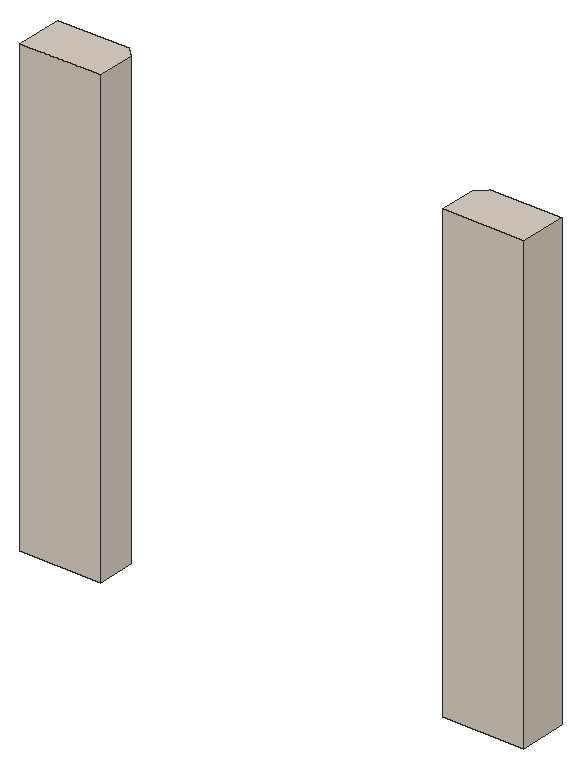
Revit family
Parameters (values of type "125 x 215mm Wide")
  Surround Width = 215.0 mm
  Surround Depth = 125.0 mm
  Opening Width [instance] = 910.0 mm
  Opening Depth [instance] = 1210.0 mm
  Surround Offset from Ext = 25.0 mm
  Material Surround = Masonry - Stone
  Keynote = "F"
  Chamfer = 25.0 mm
Types (2, lengths in mm): name | Surround Width
  125 x 150mm Wide | 150.0
  125 x 215mm Wide | 215.0
Reference planes
  plane 1 "Wall": y = -11.298
  plane 2 "Center (Left/Right)": x = 161.814
  plane 3 "Back": y = 138.702
  plane 4: y = 163.702
  plane 5: y = 38.702
  plane 6: z = 2110
  plane 7: z = 900
  plane 8: x = 376.814
  plane 9: x = -748.186
  plane 10: x = -963.186
Forms (mm)
  Extrusion 1, void
    sketch origin (0, 138.702, 0) x (-1, 0, 0) y (0, 0, 1)
      loop
        line (-376.814, 2110) -> (-376.814, 900) -> (-160.814, 900) -> (-160.814, 2110) -> (-376.814, 2110)
      loop
        line (747.186, 900) -> (963.186, 900) -> (963.186, 2110) -> (747.186, 2110) -> (747.186, 900)
    from 0 to -100
  Extrusion 2, solid, material "Masonry - Stone" <- "Material Surround"
    sketch origin (0, 138.702, 0) x (1, 0, 0) y (0, 0, 1)
      loop
        line (376.814, 2110) -> (161.814, 2110) -> (161.814, 900) -> (376.814, 900) -> (376.814, 2110)
      loop
        line (-748.186, 900) -> (-748.186, 2110) -> (-963.186, 2110) -> (-963.186, 900) -> (-748.186, 900)
    from -25 to 100
  Extrusion 3, void
    sketch origin (0, 0, 0) x (1, 0, 0) y (0, 1, 0)
      loop
        line (-748.186, 163.702) -> (-773.186, 163.702) -> (-748.186, 138.702) -> (-748.186, 163.702)
      loop
        line (161.814, 163.702) -> (161.814, 138.702) -> (186.814, 163.702) -> (161.814, 163.702)
    from 900 to 2110
Cuts and joins
  Extrusion 3 cuts Extrusion 2
Text (mm)
  text "Placement side" at (-1848.837, 1116.779, 0), in view "Ref. Level"
  text "Placement side" at (0, 1409.804, 2854.306), in view "Left"
  text "Placement side" at (0, 499.811, 2980.732), in view "Right"
Dimensions and locks
  locked: plane 3 "Back" to host wall
  "Surround Offset from Ext": plane 3 "Back" to plane 4
  "Surround Depth": plane 5 to plane 4
  locked: level to plane 6 at 2110
  "Opening Depth": plane 7 to plane 6
  "Surround Width": plane 8 to plane 2 "Center (Left/Right)"
  "Surround Width": plane 9 to plane 10
  "Opening Width": plane 2 "Center (Left/Right)" to plane 9
  "Chamfer": Extrusion 3 sketch curve to plane 9
  "Chamfer": plane 4 to Extrusion 3 sketch curve  (x2)
  "Chamfer": plane 2 "Center (Left/Right)" to Extrusion 3 sketch curve
  locked: plane 2 "Center (Left/Right)" to Extrusion 1 sketch curve at 1
  locked: Extrusion 1 sketch curve to plane 9 at 1
  aligned and locked: plane 1 "Wall" to host wall
  aligned and locked: Extrusion 1 to plane 5
  aligned and locked: host wall to Extrusion 1
  aligned and locked: plane 4 to Extrusion 2
  aligned and locked: Extrusion 2 to plane 5
  aligned and locked: Extrusion 1 sketch curve to plane 7
  aligned and locked: plane 6 to Extrusion 1 sketch curve
  aligned and locked: Extrusion 1 sketch curve to plane 8
  aligned and locked: Extrusion 2 sketch curve to plane 7
  aligned and locked: plane 6 to Extrusion 2 sketch curve
  aligned and locked: plane 2 "Center (Left/Right)" to Extrusion 2 sketch curve
  aligned and locked: Extrusion 2 sketch curve to plane 8
  aligned and locked: Extrusion 3 to plane 6
  aligned and locked: plane 7 to Extrusion 3
Automatic sketch dimensions
  Extrusion 2 sketch curve to plane 7 = 0.0 mm
  Extrusion 2 sketch curve to plane 10 = 0.0 mm
  Extrusion 2 sketch curve to plane 6 = 0.0 mm
  Extrusion 2 sketch curve to plane 9 = 0.0 mm
  Extrusion 3 sketch curve to plane 9 = 0.0 mm
  Extrusion 3 sketch curve to plane 2 "Center (Left/Right)" = 0.0 mm
  Extrusion 3 sketch curve to plane 4 = 0.0 mm  (x2)
  Extrusion 1 sketch curve to plane 7 = 0.0 mm
  Extrusion 1 sketch curve to plane 6 = 0.0 mm
  Extrusion 1 sketch curve to plane 10 = 0.0 mm
